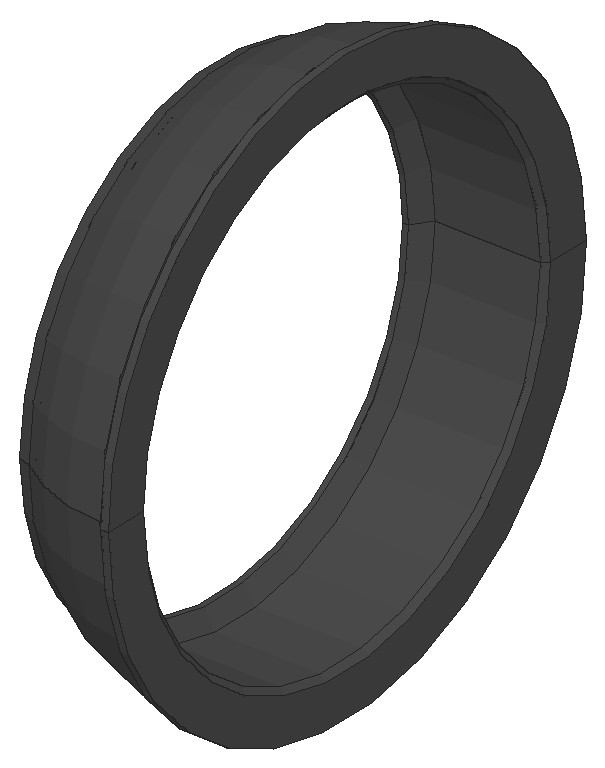
Revit family "FoFo_Junta_JGS", category Pipe Accessories, Revit 2025
Family settings
  Round Connector Dimension = Use Radius
  Part Type = Normal
  OmniClass Number = 23.60.30.11.14
  OmniClass Title = Pipework Fittings
  Work Plane-Based = Yes
  Always vertical = No
  Cut with Voids When Loaded = No
  Shared = Yes
Parameters (values of type "JGS_0400")
  Manufacturer = "SGC"
  Loss Method = K Coefficient from Table
  K Coefficient Table = "Tee"
  Description = "Bolsas JGS - JTI - JTE"
  Default Elevation = 0.0 mm
  DN = "400"
  Bolsa_RL = 0.5 * Bolsa_DL  # 200.0 mm
  Bolsa_Material = FOFO
  Bolsa_DL = 400.0 mm
  Bolsa_Borde3 = Bolsa_Borde1 * 1.1  # 7.7 mm
  Bolsa_Borde1 = 7.0 mm
  Bolsa_RI = 0.5 * Bolsa_DI  # 216.0 mm
  Bolsa_RE = 0.5 * Bolsa_DE  # 214.5 mm
  Bolsa_RB = 0.5 * Bolsa_DB  # 258.5 mm
  Bolsa_Borde2 = Bolsa_Borde1 * 2  # 14.0 mm
  Bolsa_P = 112.0 mm
  Bolsa_E2 = 0.5 * Bolsa_E  # 3.0 mm
  Bolsa_E = 6.0 mm
  Bolsa_DI = 432.0 mm
  Bolsa_DE = 429.0 mm
  Bolsa_DB = 517.0 mm
Types (16, lengths in mm): name | DN | Bolsa_RL | Bolsa_DL | Bolsa_RI | Bolsa_RE | Bolsa_RB | Bolsa_P | Bolsa_DI | Bolsa_DE | Bolsa_DB
  JGS_1200 | "1200" | 600.0 | 1200.0 | 629.0 | 627.5 | 706.0 | 167.0 | 1258.0 | 1255.0 | 1412.0
  JGS_1000 | "1000" | 500.0 | 1000.0 | 525.5 | 524.0 | 595.5 | 157.0 | 1051.0 | 1048.0 | 1191.0
  JGS_0900 | "900" | 450.0 | 900.0 | 474.0 | 472.5 | 541.0 | 147.0 | 948.0 | 945.0 | 1082.0
  JGS_0800 | "800" | 400.0 | 800.0 | 422.5 | 421.0 | 487.0 | 147.0 | 845.0 | 842.0 | 974.0
  JGS_0700 | "700" | 350.0 | 700.0 | 370.5 | 369.0 | 431.5 | 147.0 | 741.0 | 738.0 | 863.0
  JGS_0600 | "600" | 300.0 | 600.0 | 319.0 | 317.5 | 369.5 | 122.0 | 638.0 | 635.0 | 739.0
  JGS_0500 | "500" | 250.0 | 500.0 | 267.5 | 266.0 | 315.0 | 117.0 | 535.0 | 532.0 | 630.0
  JGS_0450 | "450" | 225.0 | 450.0 | 241.5 | 240.0 | 287.5 | 115.0 | 483.0 | 480.0 | 575.0
  JGS_0400 | "400" | 200.0 | 400.0 | 216.0 | 214.5 | 258.5 | 112.0 | 432.0 | 429.0 | 517.0
  JGS_0350 | "350" | 175.0 | 350.0 | 190.5 | 189.0 | 232.5 | 110.0 | 381.0 | 378.0 | 465.0
  JGS_0300 | "300" | 150.0 | 300.0 | 164.5 | 163.0 | 205.0 | 107.0 | 329.0 | 326.0 | 410.0
  JGS_0250 | "250" | 125.0 | 250.0 | 138.5 | 137.0 | 176.5 | 105.0 | 277.0 | 274.0 | 353.0
  JGS_0200 | "200" | 100.0 | 200.0 | 112.5 | 111.0 | 148.0 | 106.0 | 225.0 | 222.0 | 296.0
  JGS_0150 | "150" | 75.0 | 150.0 | 86.5 | 85.0 | 121.5 | 100.0 | 173.0 | 170.0 | 243.0
  JGS_0100 | "100" | 50.0 | 100.0 | 60.5 | 59.0 | 94.5 | 94.0 | 121.0 | 118.0 | 189.0
  JGS_0080 | "80" | 40.0 | 80.0 | 50.5 | 49.0 | 84.0 | 92.0 | 101.0 | 98.0 | 168.0
Reference planes
  plane 1 "EixoP": y = 0
  plane 2: z = 0
  plane 3 "EixoS": x = 2618.25
  plane 4: x = 2730.25
  plane 5: y = 258.5
  plane 6: y = 216
  plane 7: y = 214.5
  plane 8: y = 200
Forms (mm)
  Revolve 1, solid, material "FOFO" <- "Bolsa_Material"
    sketch origin (-3000, 0, 0) x (1, 0, 0) y (0, 1, 0)
      loop
        arc (5716.25, 250.8) -> (5670.117, 241.457) -> (5628.857, 218.804) r 156.302
        line (5628.857, 218.804) -> (5618.25, 214.5) -> (5618.25, 200.5) -> (5623.25, 200.5) -> (5633.25, 216) -> (5725.25, 216) -> (5730.25, 221) -> (5730.25, 258.5) -> (5723.25, 258.5) -> (5716.25, 250.8)
      axis (5618.25, 0) -> (5730.25, 0)
    angle from 0 to 360
Lines and regions (mm)
  model lines, detail levels coarse
    curve 1: line (2618.25, 0, 0) -> (2648.25, 0, 0)
    curve 2: arc (2698.25, 50, 0) -> (2648.25, 0, 0) -> (2698.25, -50, 0) r 50
Dimensions and locks
  "Bolsa_Borde1": Revolve 1 sketch curve to Revolve 1 sketch curve
  "Bolsa_Borde2": Revolve 1 sketch curve to Revolve 1 sketch curve
  "Bolsa_Borde3": Revolve 1 sketch curve to Revolve 1 sketch curve
  "Bolsa_P": plane 3 "EixoS" to Revolve 1 sketch curve
  "Bolsa_P": plane 4 to plane 3 "EixoS"
  "Bolsa_RB": plane 5 to plane 1 "EixoP"
  "Bolsa_RI": plane 6 to plane 1 "EixoP"
  "Bolsa_RE": plane 7 to plane 1 "EixoP"
  "Bolsa_RL": plane 8 to plane 1 "EixoP"
  aligned and locked: Revolve 1 sketch curve to plane 1 "EixoP"
  aligned and locked: Revolve 1 sketch curve to plane 5
  aligned and locked: plane 6 to Revolve 1 sketch curve
Automatic sketch dimensions
  curve 1 to plane 1 "EixoP" = 0.0 mm
  curve 1 to plane 3 "EixoS" = 0.0 mm
  plane 1 "EixoP" to curve 2 = 0.0 mm
  plane 3 "EixoS" to curve 2 = 80.0 mm
  plane 3 "EixoS" to curve 1 = 30.0 mm
  Revolve 1 sketch curve to plane 3 "EixoS" = 0.0 mm  (x2)
  Revolve 1 sketch curve to plane 7 = 0.0 mm
  plane 8 to Revolve 1 sketch curve = 0.5 mm
  plane 3 "EixoS" to Revolve 1 sketch curve = 5.0 mm
  plane 6 to Revolve 1 sketch curve = 2.804 mm
  plane 3 "EixoS" to Revolve 1 sketch curve = 10.607 mm
  Revolve 1 sketch curve to Revolve 1 sketch curve = 4.393 mm
  Revolve 1 sketch curve to plane 4 = 6.397 mm
  Revolve 1 sketch curve to plane 4 = 5.0 mm
  plane 6 to Revolve 1 sketch curve = 5.0 mm
  plane 4 to Revolve 1 sketch curve = 9.153 mm
